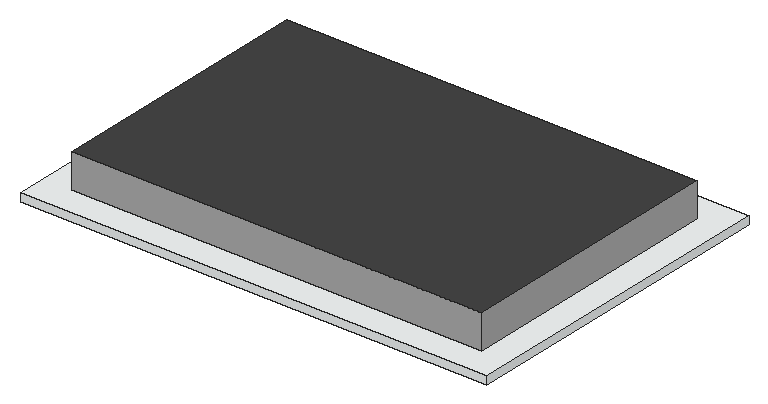
Revit family "1HVAC_Ductwork_Airzone_Supply-Linear-Slat-Grille_RLQ2", category Air Terminals, Revit 2016
Family settings
  Part Type = Normal
  Round Connector Dimension = Use Diameter
  OmniClass Number = 23.75.70.21.27.11
  OmniClass Title = Diffusers, Registers, and Grilles
  Work Plane-Based = No
  Always vertical = Yes
  Cut with Voids When Loaded = No
  Shared = No
  Room Calculation Point = Yes
Parameters (values of type "INVALID TYPE - Use Load Family and Type Catalog instead")
  c8 = -0.606  # constant formula
  c7 = 0.05127  # constant formula
  c6 = 8.438  # constant formula
  c5 = 40.68  # constant formula
  c4 = -56.51  # constant formula
  c3 = -69.08  # constant formula
  c2 = -1.742  # constant formula
  c1 = 0.000373  # constant formula
  Velocity [instance] = (Q / (36 * Ak)) * 1.0 m/s  # 1.4881 m/s
  URL = "www.airzone.es"
  Type Image Comments = "Image available in product documentation download"  # constant formula
  Type Comments = ""
  Throw Distance [instance] = round((c7 * (Ak ^ c8) * Q) * 1000) * 1 mm  # 4121 mm
  Sound Level in dBA [instance] = round((c3 + (c4 * log(Ak))) + ((c5 + (c6 * log(Ak))) * log(Q)))  # 2
  Revit Model Version = "1.0"  # constant formula
  Q [instance] = if(Duct Width > 1000 mm, (1000 mm / Duct Width) * Flow / 1 m³/h, Flow / 1 m³/h)  # 150
  Product Documentation Download URL = "http://doc.airzone.es/BIM/AirQ/Airzone_RLQ1_RLQ2_RLQV.zip"
  Product Comments = "Refer to technical documentation for further details"  # constant formula
  Product Code = "INVALID – Type not loaded via type catalog"
  Pressure Drop [instance] = ((c1 * (Ak ^ c2)) * (Q ^ 2)) * 1.0 Pa  # 1.39618 Pa
  Model = Product Code  # "INVALID – Type not loaded via type catalog"
  Min Flow = 150 m³/h
  Max Flow = 1500 m³/h
  Manufacturer = "AIRZONE"  # constant formula
  Main Material = Metal - AIRZONE - Extruded Aluminium - White (RAL 9010)
  Long Description = "Extruded aluminum supply grilles to enable the air flow supply. 26-mm standard frame. Horizontal slats fixed at 15º, positioned to two directions."  # constant formula
  Grille Right Offset = if(Open Right End, 0 mm, 10 mm)  # 10 mm
  Grille Material = Metal - AIRZONE - Grille 12.5 mm - White (RAL 9010)
  Grille Left Offset = if(Open Left End, 0 mm, 10 mm)  # 10 mm
  Flow [instance] = 150 m³/h
  Fixing = "Clip (K), mounting frame required. Screw (T), mounting frame required."  # constant formula
  Finish = "White (RAL 9010)"
  Effective Area = Akn * 100.00 cm²  # 280.00 cm²
  Duct Width = 300 mm
  Duct Height = 200 mm
  Disclaimer = "All information provided in this model is reviewed before being published. However, Airzone cannot guarantee this model is error-free, therefore users are strongly encouraged to check for technical documentation and updates"  # constant formula
  Description = "Grille of linear slats fixed at 15º"  # constant formula
  Damper Length = 24.5 mm
  Compatible Accesories = "Mounting frame. Manual flow regulation. Plenum for grille (PREJ, FR-X2F). Grille deflector"  # constant formula
  Right Cap Offset = if(Open Right End, 0 mm, 16 mm)  # 16 mm
  Open Right End = no
  Left Cap Offset = if(Open Left End, 0 mm, 16 mm)  # 16 mm
  Open Left End = no
  Akn = 2.8
  Ak1000 = 10
  Ak = if(Duct Width > 1000 mm, Ak1000, Akn)  # 2.8
  Accessories Material = Metal - AIRZONE - Extruded Aluminium - Anodized (Matt Silver Color)
Reference planes
  plane 1 "Center (Front/Back)": y = 0
  plane 2: z = 0
  plane 3 "Center (Left/Right)": x = 0
  plane 4 "Left": x = -150
  plane 5 "Right": x = 150
  plane 6 "Front": y = -100
  plane 7 "Back": y = 100
  plane 8 "Right Offset": x = 166
  plane 9 "Left Offset": x = -166
  plane 10 "Fornt Offset": y = -116
  plane 11 "Back Offset": y = 116
Forms (mm)
  Extrusion 1, solid, material "Metal - AIRZONE - Extruded Aluminium - White (RAL 9010)" <- "Main Material", detail levels fine
    sketch origin (0, 0, 0) x (1, 0, 0) y (0, 1, 0)
      loop
        line (-166, 116) -> (-166, -116) -> (166, -116) -> (166, 116) -> (-166, 116)
    from 0 to -5.5
  Extrusion 2, solid, material "Metal - AIRZONE - Extruded Aluminium - Anodized (Matt Silver Color)" <- "Accessories Material"
    sketch origin (0, 0, 0) x (1, 0, 0) y (0, 1, 0)
      loop
        line (-145.7, 95.7) -> (-145.7, -95.7) -> (145.7, -95.7) -> (145.7, 95.7) -> (-145.7, 95.7)
    from 0 to 24.5 <- "Damper Length"
  Extrusion 3, solid, material "Metal - AIRZONE - Extruded Aluminium - White (RAL 9010)" <- "Main Material", detail levels coarse+medium
    sketch origin (0, 0, 0) x (1, 0, 0) y (0, 1, 0)
      loop
        line (-166, 116) -> (-166, -116) -> (166, -116) -> (166, 116) -> (-166, 116)
    from 0 to -5.5
  Extrusion 4, void
    sketch origin (0, 0, 0) x (1, 0, 0) y (0, 1, 0)
      loop
        line (166, 125) -> (166, -125) -> (175, -125) -> (175, 125) -> (166, 125)
    from -6 to 3
  Extrusion 5, void
    sketch origin (0, 0, 0) x (1, 0, 0) y (0, 1, 0)
      loop
        line (-175, 125) -> (-175, -125) -> (-166, -125) -> (-166, 125) -> (-175, 125)
    from -6 to 3
Cuts and joins
  Extrusion 4, Extrusion 5 cuts Extrusion 3
  Extrusion 4, Extrusion 5 cuts Extrusion 1
Lines and regions (mm)
  Split face 1
    outline origin (0, 0, -5.5) x (1, 0, 0) y (0, 1, 0)
      loop
        line (-140, -90) -> (140, -90) -> (140, 90) -> (-140, 90) -> (-140, -90)
  model lines, detail levels medium
    curve 1: line (-140, 90, -5.5) -> (140, 90, -5.5)
    curve 2: line (-140, -90, -5.5) -> (-140, 90, -5.5)
    curve 3: line (140, -90, -5.5) -> (-140, -90, -5.5)
    curve 4: line (140, 90, -5.5) -> (140, -90, -5.5)
  symbolic lines
    curve 5: line (-150, 100, 0) -> (150, 100, 0)
    curve 6: line (-150, -100, 0) -> (-150, 100, 0)
    curve 7: line (150, -100, 0) -> (-150, -100, 0)
    curve 8: line (150, 100, 0) -> (150, -100, 0)
    curve 9: line (-150, -100, 0) -> (150, 100, 0)
    curve 10: line (150, -100, 0) -> (-150, 100, 0)
  model lines, not visible, detail levels coarse
    curve 11: line (-166, 116, -5.5) -> (166, 116, -5.5)
    curve 12: line (-166, -116, -5.5) -> (-166, 116, -5.5)
    curve 13: line (166, -116, -5.5) -> (-166, -116, -5.5)
    curve 14: line (166, 116, -5.5) -> (166, -116, -5.5)
  model lines, detail levels coarse
    curve 15: line (-166, -116, -5.5) -> (166, 116, -5.5)
    curve 16: line (166, -116, -5.5) -> (-166, 116, -5.5)
Dimensions and locks
  equal spacing: plane 4 "Left", plane 3 "Center (Left/Right)", plane 5 "Right"
  equal spacing: plane 7 "Back", plane 1 "Center (Front/Back)", plane 6 "Front"
  "Duct Width": plane 4 "Left" to plane 5 "Right"
  "Duct Height": plane 7 "Back" to plane 6 "Front"
  locked: Extrusion 1 sketch curve to plane 4 "Left" at 16
  locked: plane 5 "Right" to Extrusion 1 sketch curve at 16
  locked: Extrusion 1 sketch curve to plane 7 "Back" at 16
  locked: plane 6 "Front" to Extrusion 1 sketch curve at 16
  "Grille Left Offset": plane 4 "Left" to Split face 1 sketch curve
  "Grille Right Offset": Split face 1 sketch curve to plane 5 "Right"
  locked: plane 7 "Back" to Split face 1 sketch curve at 10
  locked: Split face 1 sketch curve to plane 6 "Front" at 10
  locked: plane 4 "Left" to Extrusion 2 sketch curve at 4.3
  locked: Extrusion 2 sketch curve to plane 5 "Right" at 4.3
  locked: plane 7 "Back" to Extrusion 2 sketch curve at 4.3
  locked: Extrusion 2 sketch curve to plane 6 "Front" at 4.3
  locked: Extrusion 3 sketch curve to plane 4 "Left" at 16
  locked: plane 5 "Right" to Extrusion 3 sketch curve at 16
  locked: Extrusion 3 sketch curve to plane 7 "Back" at 16
  locked: plane 6 "Front" to Extrusion 3 sketch curve at 16
  "Grille Right Offset": curve 4 to plane 5 "Right"
  "Grille Left Offset": plane 4 "Left" to curve 2
  locked: plane 7 "Back" to curve 1 at 10
  locked: curve 3 to plane 6 "Front" at 10
  "Right Cap Offset": plane 5 "Right" to Extrusion 4 sketch curve
  locked: plane 5 "Right" to Extrusion 4 sketch curve at 25
  locked: Extrusion 4 sketch curve to plane 7 "Back" at 25
  locked: plane 6 "Front" to Extrusion 4 sketch curve at 25
  "Left Cap Offset": Extrusion 5 sketch curve to plane 4 "Left"
  locked: Extrusion 5 sketch curve to plane 4 "Left" at 25
  locked: Extrusion 5 sketch curve to plane 7 "Back" at 25
  locked: plane 6 "Front" to Extrusion 5 sketch curve at 25
  curve 4 to plane 5 "Right" = 10 mm
  plane 4 "Left" to curve 2 = 10 mm
  "Right Cap Offset": plane 5 "Right" to plane 8 "Right Offset"
  "Left Cap Offset": plane 9 "Left Offset" to plane 4 "Left"
  locked: plane 11 "Back Offset" to plane 7 "Back" at 16
  locked: plane 6 "Front" to plane 10 "Fornt Offset" at 16
  aligned and locked: level to plane 2
  aligned and locked: plane 4 "Left" to curve 6
  aligned and locked: curve 5 to plane 7 "Back"
  aligned and locked: curve 8 to plane 5 "Right"
  aligned and locked: plane 6 "Front" to curve 7
  aligned and locked: plane 10 "Fornt Offset" to curve 13
  aligned and locked: plane 11 "Back Offset" to curve 11
  aligned and locked: curve 14 to plane 8 "Right Offset"
  aligned and locked: plane 9 "Left Offset" to curve 12
Connectors
  hvac at (0, 0, 24.5), driven by "Pressure Drop", driven by "Flow", driven by "Duct Height", driven by "Duct Width"
    settings: on Extrusion 2, index 1, duct flow 150 m³/h, flow factor 0, pres drop 1.39618 Pa, loss coef 0, conn angle 0.00°, conn width 300 mm, conn height 200 mm, conn diameter 609.6 mm, duct sys type 1, conn prof type 1, flow config 1, flow direction 1, loss method 4, conn ref index -1, conn util no, is conn primary yes, conn desc "Supply Air"
